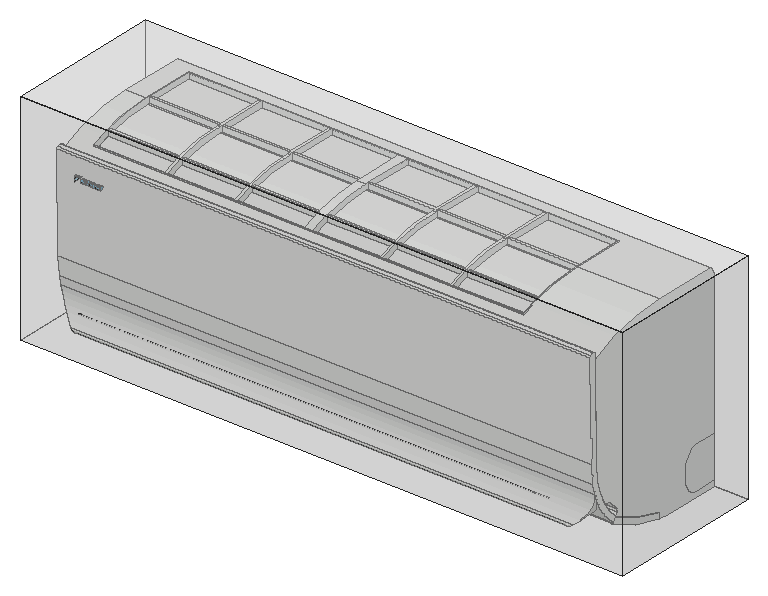
Revit family "outputfile", category 機械設備, Revit 2024
Family settings
  丸型コネクタ寸法 = 半径を使用
  パーツ タイプ = 標準
  OmniClass 番号 = 23.75.10.24.21.27.27
  OmniClass タイトル = Split System Air Conditioning Units
  作業面ベース = いいえ
  常に垂直 = はい
  ロード時にボイドで切り取り = いいえ
  注釈の向きを維持 = いいえ
  共有 = いいえ
  部屋計算ポイント = いいえ
Parameters (values of type "FTKQ18YV2S")
  製造元 = "Daikin"
  書き出し IFC クラス(タイプ) = "IfcUnitaryEquipmentType"
  定義済み IFC タイプ(タイプ) = "AIRCONDITIONINGUNIT"
  モデル = "FTKQ18YV2S"
  switch_frequency = yes
  r_Liquid Pipe Size = Liquid Pipe Size / 2  # 3.2 mm
  r_Gas Pipe Size = Gas Pipe Size / 2  # 6.35 mm
  r_Drain Pipe Size = Drain Pipe Size / 2  # 8.0 mm
  lw_powersupply [instance] = if(or(Right Connection_refrigerant, Left Connection_refrigerant), 348.0 mm, if(or(Rear Right Connection_refrigerant, Bottom Right Connection_refrigerant), 30.0 mm, 740.0 mm))  # 348.0 mm
  lw_liquidpipe [instance] = if(or(Right Connection_refrigerant, Left Connection_refrigerant), 433.0 mm, if(or(Rear Right Connection_refrigerant, Bottom Right Connection_refrigerant), 40.0 mm, 730.0 mm))  # 433.0 mm
  lw_gaspipe [instance] = if(or(Right Connection_refrigerant, Left Connection_refrigerant), if(Gas Pipe Size = 9.5 mm, 335.0 mm, 345.0 mm) + 48.0 mm, if(or(Rear Right Connection_refrigerant, Bottom Right Connection_refrigerant), 55.0 mm, 715.0 mm))  # 393.0 mm
  lw_drainpipe [instance] = if(or(Right Connection_refrigerant, Left Connection_refrigerant), 488.0 mm, if(or(Rear Right Connection_refrigerant, Bottom Right Connection_refrigerant), 55.0 mm, 715.0 mm))  # 488.0 mm
  l_powersupply_length [instance] = if(Right Connection_refrigerant, 348.0 mm, if(Left Connection_refrigerant, 422.0 mm, if(or(Rear Left Connection_refrigerant, Rear Right Connection_refrigerant), 20.0 mm, 50.0 mm)))  # 348.0 mm
  l_liquidpipe_length [instance] = if(Right Connection_refrigerant, 433.0 mm, if(Left Connection_refrigerant, 337.0 mm, if(or(Rear Left Connection_refrigerant, Rear Right Connection_refrigerant), 40.0 mm, 35.0 mm)))  # 433.0 mm
  l_gaspipe_length [instance] = if(Right Connection_refrigerant, if(Gas Pipe Size = 9.5 mm, 335.0 mm, 345.0 mm) + 48.0 mm, if(Left Connection_refrigerant, 770.0 mm - (if(Gas Pipe Size = 9.5 mm, 335.0 mm, 345.0 mm) + 48.0 mm), if(or(Rear Left Connection_refrigerant, Rear Right Connection_refrigerant), 40.0 mm, 50.0 mm)))  # 393.0 mm
  l_drainpipe_length [instance] = if(Right Connection_refrigerant, 488.0 mm, if(Left Connection_refrigerant, 282.0 mm, if(or(Rear Left Connection_refrigerant, Rear Right Connection_refrigerant), 20.0 mm, 25.0 mm)))  # 488.0 mm
  h*** = 0.0 mm  # constant formula
  connector_voltage = Voltage_50Hz  # 220 V
  connector_powerinput = [Power Input (Cooling)]  # 1.740 kW
  connector_phase = Phase_50Hz  # 1
  angle_vertical [instance] = if(or(Bottom Left Connection_refrigerant, Bottom Right Connection_refrigerant), 0.00°, 90.00°)  # 90.00°
  angle_horizontal [instance] = if(Right Connection_refrigerant, 90.00°, if(Left Connection_refrigerant, -90.00°, if(or(Rear Left Connection_refrigerant, Rear Right Connection_refrigerant), 180.00°, 0.00°)))  # 90.00°
  Width = 770.0 mm
  Voltage_comment_50Hz = "220 - 240"
  Voltage_50Hz = 220 V
  Version = "ver.1.0"
  Unit Type = "Wall Mounted"
  Unit Mass Weight = 9.00 kg
  Unit Designation [instance] = ""
  Uniclass2015Version = "Products v1.30"
  Uniclass2015Title = "Split coil room air conditioning units"
  Uniclass2015Code = "Pr_70_65_03_86"
  Total Cooling Capacity [instance] = 0.000 kW
  Sound Pressure Level_M speed (dBA) = 40
  Sound Pressure Level_L speed (dBA) = 35
  Sound Pressure Level_H speed (dBA) = 44
  Sound Power Level_H speed (dB) = 0
  Series = "Single Split_Fan Coil Unit"
  Sensible Cooling Capacity [instance] = 0.000 kW
  Refrigerant Type = "R32"
  Power Input (Cooling) = 1.740 kW
  Phase_50Hz = 1
  Option Accessory 3 [instance] = ""
  Option Accessory 2 [instance] = ""
  Option Accessory 1 [instance] = ""
  Nominal Cooling Capacity = 5.300 kW
  Minimum Airflow = 516.00 m³/h
  Median Airflow = 636.00 m³/h
  Maximum Airflow = 774.00 m³/h
  Material_Casing = DAIKIN_PureWhite_Casing_indoorunit
  Load Classification = HVAC
  Liquid Pipe Size = 6.4 mm
  Link_Nested Family [instance] = ""
  IfcVersion = ""
  IfcExportType = "AIRCONDITIONINGUNIT"
  IfcExportAs = "IfcUnitaryEquipmentType"
  Height = 285.0 mm
  Heat Exchanger Type = "Cross Fin Coil"
  Gas Pipe Size = 12.7 mm
  Frequency_50Hz = 50 Hz
  Fan Type = "Cross Flow Fan"
  Fan Drive = "Direct Drive"
  FCU Tag No. [instance] = ""
  Drain Pipe Size = 16.0 mm
  Design Supply Airflow [instance] = 0.00 m³/h
  Depth = 226.0 mm
  既定の高さ = 0.0 mm
  Cooling Entering Wet Bulb Temperature [instance] = 0.00 °C
  Cooling Entering Dry Bulb Temperature [instance] = 0.00 °C
  Cooling Ambient Wet Bulb Temperature [instance] = 0.00 °C
  Cooling Ambient Dry Bulb Temperature [instance] = 0.00 °C
  Clearance visibility [instance] = yes
  Clearance Top = 30.0 mm
  Clearance Right = 50.0 mm
  Clearance Rear = 0.0 mm
  Clearance Left = 50.0 mm
  Clearance Front = 0.0 mm
  Clearance Bottom = 0.0 mm
  Bottom Right Connection_refrigerant [instance] = no
  Bottom Left Connection_refrigerant [instance] = no
  Rear Right Connection_refrigerant [instance] = no
  Rear Left Connection_refrigerant [instance] = no
  Right Connection_refrigerant [instance] = yes
  Left Connection_refrigerant [instance] = no
Reference planes
  plane 1 "Back": y = 0
  plane 2: z = 0
  plane 3 "Center (Left/Right)": x = 0
  plane 4: y = -133
  plane 5: y = -266
  plane 6 "Left": x = -385
  plane 7 "Right": x = 385
  plane 8 "Top": z = 0
  plane 9: y = 0
  plane 10: z = -285
  plane 11 "Clearance Front": y = -226
  plane 12 "Bottom": z = -285
  plane 13: z = -285
  plane 14: z = 30
  plane 15 "Front": y = -226
  plane 16 "Clearance Rear": y = 0
  plane 17: x = -8
  plane 18: x = -48
  plane 19: x = -103
  plane 20: y = -40
  plane 21: y = -20
  plane 22: x = 37
  plane 23: x = -435
  plane 24: x = 435
  plane 25: x = 337
Forms (mm)
  Extrusion 1, solid, material "DAIKIN_PureWhite_Casing_indoorunit" <- "Material_Casing"
    sketch origin (-379, 1296.25, 1210) x (0, 1, 0) y (0, 0, 1)
      loop
        line (-1296.25, -1427) -> (-1326.25, -1427)
        arc (-1326.25, -1427) -> (-1340.393, -1432.858) -> (-1346.25, -1447) r 20
        line (-1346.25, -1447) -> (-1346.25, -1467)
        arc (-1346.25, -1467) -> (-1340.393, -1481.142) -> (-1326.25, -1487) r 20
        line (-1326.25, -1487) -> (-1296.25, -1487) -> (-1296.25, -1427)
    from 759 to 764
  Extrusion 2, solid, material "DAIKIN_PureWhite_Casing_indoorunit" <- "Material_Casing"
    sketch origin (-495, 1156.25, 1200) x (0, 1, 0) y (0, 0, 1)
      loop
        line (-1156.25, -1485) -> (-1156.25, -1208.5) -> (-1161.25, -1200) -> (-1254.25, -1200)
        arc (-1254.25, -1200) -> (-1314.413, -1207.347) -> (-1371.039, -1228.956) r 250
        arc (-1371.039, -1228.956) -> (-1370.963, -1294.87) -> (-1368.901, -1360.751) r 2186.827
        arc (-1368.901, -1360.751) -> (-1367.931, -1373.599) -> (-1366.216, -1386.369) r 221.844
        arc (-1366.216, -1386.369) -> (-1361.341, -1405) -> (-1353.083, -1422.397) r 103
        line (-1353.083, -1422.397) -> (-1345.22, -1422.397)
        arc (-1345.22, -1422.397) -> (-1343.826, -1422.741) -> (-1342.751, -1423.693) r 3
        arc (-1342.751, -1423.693) -> (-1337.001, -1431.196) -> (-1330.533, -1438.09) r 95
        arc (-1330.533, -1438.09) -> (-1329.645, -1439.831) -> (-1330.018, -1441.749) r 3
        line (-1330.018, -1441.749) -> (-1332.498, -1446.044)
        arc (-1332.498, -1446.044) -> (-1295.066, -1463.723) -> (-1255.079, -1474.437) r 231
        arc (-1255.079, -1474.437) -> (-1254.485, -1474.778) -> (-1254.25, -1475.422) r 1
        line (-1254.25, -1475.422) -> (-1254.25, -1483.703)
        arc (-1254.25, -1483.703) -> (-1250.776, -1484.245) -> (-1247.294, -1484.736) r 240
        arc (-1247.294, -1484.736) -> (-1245.313, -1484.934) -> (-1243.323, -1485) r 30
        line (-1243.323, -1485) -> (-1156.25, -1485)
    from 110 to 880
  Extrusion 3, solid, material "DAIKIN_PureWhite_Casing_indoorunit" <- "Material_Casing"
    sketch origin (-622.601, -1524, -230) x (-1, 0, 0) y (0, -1, 0)
      loop
        line (-996.615, -1494) -> (-996.615, -1524) -> (-936.615, -1524) -> (-936.615, -1494)
        arc (-936.615, -1494) -> (-942.473, -1479.858) -> (-956.615, -1474) r 20
        line (-956.615, -1474) -> (-976.615, -1474)
        arc (-976.615, -1474) -> (-990.757, -1479.858) -> (-996.615, -1494) r 20
      loop
        arc (-248.601, -1494) -> (-254.459, -1479.858) -> (-268.601, -1474) r 20
        line (-268.601, -1474) -> (-288.601, -1474)
        arc (-288.601, -1474) -> (-302.743, -1479.858) -> (-308.601, -1494) r 20
        line (-308.601, -1494) -> (-308.601, -1524) -> (-248.601, -1524) -> (-248.601, -1494)
    from -55 to -50
  Extrusion 4, solid, material "DAIKIN_PureWhite_Casing_indoorunit" <- "Material_Casing"
    sketch origin (0, 0, 10) x (1, 0, 0) y (0, 0, 1)
      loop
        circle (337, -250.5) r 32.5
      loop
        circle (-337, -250.5) r 32.5
    from 0 to 5
  Extrusion 5, solid, material "DAIKIN_PureWhite_Casing_indoorunit" <- "Material_Casing"
    sketch origin (489, 1296.25, 1210) x (0, 1, 0) y (0, 0, -1)
      loop
        line (-1296.25, 1427) -> (-1296.25, 1487) -> (-1326.25, 1487)
        arc (-1326.25, 1487) -> (-1340.393, 1481.142) -> (-1346.25, 1467) r 20
        line (-1346.25, 1467) -> (-1346.25, 1447)
        arc (-1346.25, 1447) -> (-1340.393, 1432.858) -> (-1326.25, 1427) r 20
        line (-1326.25, 1427) -> (-1296.25, 1427)
    from 869 to 874
  Extrusion 6, solid, material "DAIKIN_PureWhite_Casing_indoorunit" <- "Material_Casing"
    sketch origin (-385, 1156.25, 1200) x (0, 1, 0) y (0, 0, 1)
      loop
        arc (-1374.103, -1387.706) -> (-1361.832, -1423.213) -> (-1338.419, -1452.594) r 111
        arc (-1338.419, -1452.594) -> (-1337.834, -1452.764) -> (-1337.333, -1452.419) r 0.709
        line (-1337.333, -1452.419) -> (-1334.084, -1446.792)
        arc (-1334.084, -1446.792) -> (-1333.962, -1446.14) -> (-1334.274, -1445.556) r 1
        arc (-1334.274, -1445.556) -> (-1355.212, -1418.643) -> (-1366.216, -1386.369) r 103
        arc (-1366.216, -1386.369) -> (-1367.931, -1373.599) -> (-1368.901, -1360.751) r 221.844
        arc (-1368.901, -1360.751) -> (-1370.989, -1293.222) -> (-1370.99, -1225.661) r 2186.827
        arc (-1370.99, -1225.661) -> (-1370.93, -1221.937) -> (-1370.863, -1218.213) r 2192
        arc (-1370.863, -1218.213) -> (-1371.146, -1217.637) -> (-1371.78, -1217.535) r 0.7
        line (-1371.78, -1217.535) -> (-1377.538, -1219.406)
        arc (-1377.538, -1219.406) -> (-1378.425, -1219.99) -> (-1378.887, -1220.946) r 2
        arc (-1378.887, -1220.946) -> (-1379.035, -1290.894) -> (-1376.907, -1360.81) r 2149.92
        arc (-1376.907, -1360.81) -> (-1375.901, -1374.299) -> (-1374.103, -1387.706) r 229.911
    from 0 to 770
  Extrusion 7, solid, material "DAIKIN_PureWhite_Casing_indoorunit" <- "Material_Casing"
    sketch origin (-385, 1156.25, 1200) x (0, 1, 0) y (0, 0, 1)
      loop
        arc (-1336.569, -1454.09) -> (-1297.525, -1472.406) -> (-1255.834, -1483.439) r 240
        arc (-1255.834, -1483.439) -> (-1255.428, -1483.328) -> (-1255.25, -1482.946) r 0.5
        line (-1255.25, -1482.946) -> (-1255.25, -1475.422)
        arc (-1255.25, -1475.422) -> (-1295.171, -1464.749) -> (-1332.564, -1447.164) r 232
        arc (-1332.564, -1447.164) -> (-1332.945, -1447.112) -> (-1333.249, -1447.346) r 0.5
        line (-1333.249, -1447.346) -> (-1336.741, -1453.393)
        arc (-1336.741, -1453.393) -> (-1336.802, -1453.778) -> (-1336.569, -1454.09) r 0.5
    from 0 to 770
  Extrusion 8, solid, material "DAIKIN_PureWhite_Casing_indoorunit" <- "Material_Casing"
    sketch origin (-385, 1156.25, 1200) x (0, 1, 0) y (0, 0, 1)
      loop
        arc (-1371.046, -1401.088) -> (-1370.514, -1423.975) -> (-1381.552, -1444.032) r 44
        arc (-1381.552, -1444.032) -> (-1382.188, -1446.32) -> (-1380.625, -1448.108) r 2.5
        arc (-1380.625, -1448.108) -> (-1367.897, -1451.601) -> (-1354.751, -1452.778) r 74
        line (-1354.751, -1452.778) -> (-1338.211, -1452.778)
        arc (-1338.211, -1452.778) -> (-1358.264, -1429.242) -> (-1371.046, -1401.088) r 111
    from 0 to 770
  Extrusion 9, solid, material "DAIKIN_PureWhite_Casing_indoorunit" <- "Material_Casing"
    sketch origin (-385, 1156.25, 1200) x (0, 1, 0) y (0, 0, 1)
      loop
        line (-1254.32, -1208) -> (-1177.85, -1208) -> (-1177.85, -1200) -> (-1254.25, -1200)
        arc (-1254.25, -1200) -> (-1302.879, -1204.775) -> (-1349.65, -1218.918) r 250
        line (-1349.65, -1218.918) -> (-1349.65, -1227.568)
        arc (-1349.65, -1227.568) -> (-1302.979, -1212.942) -> (-1254.32, -1208) r 242
    from 29.359 to 650.764
  Extrusion 10, void
    sketch origin (-385, 1156.25, 1200) x (0, 1, 0) y (0, 0, 1)
      loop
        line (-1349.65, -1215.676) -> (-1349.65, -1227.568)
        arc (-1349.65, -1227.568) -> (-1302.979, -1212.942) -> (-1254.32, -1208) r 242
        line (-1254.32, -1208) -> (-1177.85, -1208) -> (-1177.85, -1197) -> (-1254.25, -1197)
        arc (-1254.25, -1197) -> (-1302.856, -1201.713) -> (-1349.65, -1215.676) r 253
    from 29.359 to 650.764
  Extrusion 11, void
    sketch origin (-610.615, -1524, -240) x (-1, 0, 0) y (0, -1, 0)
      loop
        line (-255.68, -1501.684) -> (-255.68, -1432.659) -> (-357.948, -1432.659) -> (-357.948, -1501.684) -> (-255.68, -1501.684)
      loop
        line (-361.28, -1501.684) -> (-361.28, -1432.659) -> (-459.048, -1432.659) -> (-459.048, -1501.684) -> (-361.28, -1501.684)
      loop
        line (-255.68, -1429.341) -> (-255.68, -1358.741) -> (-357.948, -1358.741) -> (-357.948, -1429.341) -> (-255.68, -1429.341)
      loop
        line (-255.68, -1356.618) -> (-255.68, -1331.319) -> (-357.948, -1331.319) -> (-357.948, -1356.618) -> (-255.68, -1356.618)
      loop
        line (-361.274, -1429.341) -> (-361.274, -1358.741) -> (-459.048, -1358.741) -> (-459.048, -1429.341) -> (-361.274, -1429.341)
      loop
        line (-361.274, -1356.618) -> (-361.274, -1331.319) -> (-459.048, -1331.319) -> (-459.048, -1356.618) -> (-361.274, -1356.618)
      loop
        line (-462.312, -1501.684) -> (-462.312, -1432.659) -> (-559.622, -1432.659) -> (-559.622, -1501.684) -> (-462.312, -1501.684)
      loop
        line (-462.306, -1429.341) -> (-462.306, -1358.741) -> (-559.622, -1358.741) -> (-559.622, -1429.341) -> (-462.306, -1429.341)
      loop
        line (-462.306, -1356.618) -> (-462.306, -1331.319) -> (-559.622, -1331.319) -> (-559.622, -1356.618) -> (-462.306, -1356.618)
      loop
        line (-571.622, -1501.684) -> (-571.622, -1432.659) -> (-668.931, -1432.659) -> (-668.931, -1501.684) -> (-571.622, -1501.684)
      loop
        line (-672.311, -1501.684) -> (-672.311, -1432.659) -> (-770.079, -1432.659) -> (-770.079, -1501.684) -> (-672.311, -1501.684)
      loop
        line (-571.622, -1429.341) -> (-571.622, -1358.741) -> (-668.925, -1358.741) -> (-668.925, -1429.341) -> (-571.622, -1429.341)
      loop
        line (-571.622, -1356.618) -> (-571.622, -1331.319) -> (-668.925, -1331.319) -> (-668.925, -1356.618) -> (-571.622, -1356.618)
      loop
        line (-672.311, -1429.341) -> (-672.311, -1358.741) -> (-770.079, -1358.741) -> (-770.079, -1429.341) -> (-672.311, -1429.341)
      loop
        line (-672.311, -1356.618) -> (-672.311, -1331.319) -> (-770.079, -1331.319) -> (-770.079, -1356.618) -> (-672.311, -1356.618)
      loop
        line (-773.411, -1501.684) -> (-773.411, -1432.659) -> (-875.679, -1432.659) -> (-875.679, -1501.684) -> (-773.411, -1501.684)
      loop
        line (-773.411, -1429.341) -> (-773.411, -1358.741) -> (-875.679, -1358.741) -> (-875.679, -1429.341) -> (-773.411, -1429.341)
      loop
        line (-773.411, -1356.618) -> (-773.411, -1331.319) -> (-875.679, -1331.319) -> (-875.679, -1356.618) -> (-773.411, -1356.618)
    from 208.902 to 245
  Extrusion 12, void
    sketch origin (-385, 1156.25, 1200) x (0, 1, 0) y (0, 0, 1)
      loop
        arc (-1339.36, -1455.929) -> (-1309.531, -1470.929) -> (-1277.928, -1481.699) r 243
        line (-1277.928, -1481.699) -> (-1275.103, -1471.068)
        arc (-1275.103, -1471.068) -> (-1305.332, -1460.762) -> (-1333.859, -1446.402) r 232
        line (-1333.859, -1446.402) -> (-1339.36, -1455.929)
    from 47 to 652
  Extrusion 13, solid, material "DAIKIN_PureWhite_Casing_indoorunit" <- "Material_Casing"
    sketch origin (-385, 1156.25, 1200) x (0, 1, 0) y (0, 0, 1)
      loop
        arc (-1336.998, -1453.838) -> (-1307.924, -1468.349) -> (-1277.157, -1478.8) r 240
        line (-1277.157, -1478.8) -> (-1275.103, -1471.068)
        arc (-1275.103, -1471.068) -> (-1304.871, -1460.955) -> (-1332.998, -1446.91) r 232
        line (-1332.998, -1446.91) -> (-1336.998, -1453.838)
    from 52.507 to 648.507
  Extrusion 14, void
    sketch origin (0, 0, 0) x (1, 0, 0) y (0, 0, 1)
      loop
        line (-395, -201.088) -> (-395, -259.424) -> (-333.271, -259.424) -> (-333.271, -252.778)
        arc (-333.271, -252.778) -> (-369.835, -237.641) -> (-385, -201.088) r 51.729
        line (-385, -201.088) -> (-395, -201.088)
    from 118.853 to 250
  Extrusion 15, void
    sketch origin (0, 0, 0) x (1, 0, 0) y (0, 0, 1)
      loop
        arc (385, -200.608) -> (369.72, -237.498) -> (332.829, -252.778) r 52.171
        line (332.829, -252.778) -> (332.829, -262.778) -> (392.829, -262.778) -> (392.829, -192.778) -> (385, -192.778) -> (385, -200.608)
    from 140.894 to 250
Cuts and joins
  Extrusion 10 cuts Extrusion 2
  Extrusion 11 cuts Extrusion 9
  Extrusion 12 cuts Extrusion 7
  Extrusion 14, Extrusion 15 cuts Extrusion 8
Lines and regions (mm)
  reference lines
    curve 1: line (-395.5, -222.696, -45.45) -> (-395.5, -222.696, -55.45)
Dimensions and locks
  equal spacing: plane 6 "Left", plane 3 "Center (Left/Right)", plane 7 "Right"
  "Width": plane 6 "Left" to plane 7 "Right"
  level to plane 10 = 285.0 mm
  locked: Extrusion 4 sketch curve to plane 6 "Left" at 48
  locked: plane 7 "Right" to Extrusion 4 sketch curve at 48
  locked: plane 8 "Top" to Extrusion 4 sketch curve at 240.5  (x2)
  locked: plane 6 "Left" to Extrusion 3 sketch curve at 11
  locked: Extrusion 3 sketch curve to Extrusion 3 sketch curve at 60  (x2)
  locked: Extrusion 3 sketch curve to plane 7 "Right" at 10.986
  "Height": plane 8 "Top" to plane 12 "Bottom"
  "Clearance Top": plane 14 to plane 8 "Top"
  "Clearance Bottom": plane 12 "Bottom" to plane 13
  "Depth": plane 15 "Front" to plane 1 "Back"
  "Clearance Front": plane 15 "Front" to plane 11 "Clearance Front"
  "Clearance Rear": plane 16 "Clearance Rear" to plane 1 "Back"
  locked: plane 1 "Back" to plane 20 at 40
  locked: plane 1 "Back" to plane 21 at 20
  "Clearance Left": plane 23 to plane 6 "Left"
  "Clearance Right": plane 7 "Right" to plane 24
  "lw_powersupply": plane 22 to plane 7 "Right"
  locked: plane 25 to plane 7 "Right" at 48
  "lw_gaspipe": plane 17 to plane 7 "Right"
  "lw_liquidpipe": plane 18 to plane 7 "Right"
  "lw_drainpipe": plane 19 to plane 7 "Right"
  aligned and locked: level to plane 2
  aligned and locked: nested 2 to curve 1
  aligned and locked: plane 7 "Right" to Extrusion 1
  aligned and locked: plane 19 to nested 3
  aligned and locked: plane 18 to nested 4
  aligned and locked: plane 22 to nested 5
  aligned and locked: plane 17 to nested 6
  aligned and locked: nested 6 to plane 20
  aligned and locked: nested 4 to plane 20
  aligned and locked: nested 3 to plane 21
  aligned and locked: nested 5 to plane 21
  aligned and locked: nested 1 to plane 16 "Clearance Rear"
  aligned and locked: plane 11 "Clearance Front" to nested 1
  aligned and locked: nested 1 to plane 13
  aligned and locked: nested 1 to plane 14
  aligned and locked: nested 1 to plane 23
  aligned and locked: plane 24 to nested 1
Automatic sketch dimensions
  Extrusion 1 sketch curve to plane 1 "Back" = 0.0 mm
  plane 1 "Back" to Extrusion 1 sketch curve = 30.0 mm  (x2)
  Extrusion 1 sketch curve to Extrusion 1 sketch curve = 20.0 mm  (x2)
  Extrusion 1 sketch curve to level = 277.0 mm
  Extrusion 2 sketch curve to Extrusion 2 sketch curve = 0.0 mm  (x8)
  Extrusion 2 sketch curve to level = 0.0 mm
  Extrusion 2 sketch curve to plane 10 = 0.0 mm
  Extrusion 2 sketch curve to plane 1 "Back" = 0.0 mm
  plane 1 "Back" to Extrusion 2 sketch curve = 5.0 mm
  plane 1 "Back" to Extrusion 2 sketch curve = 59.278 mm
  plane 4 to Extrusion 2 sketch curve = 45.927 mm
  plane 10 to Extrusion 2 sketch curve = 1.297 mm
  Extrusion 2 sketch curve to Extrusion 2 sketch curve = 10.927 mm
  plane 4 to Extrusion 2 sketch curve = 35.0 mm
  Extrusion 2 sketch curve to Extrusion 2 sketch curve = 1.0 mm
  plane 4 to Extrusion 2 sketch curve = 24.681 mm
  Extrusion 2 sketch curve to plane 4 = 40.768 mm
  Extrusion 2 sketch curve to Extrusion 2 sketch curve = 2.48 mm
  Extrusion 2 sketch curve to Extrusion 2 sketch curve = 2.598 mm
  Extrusion 2 sketch curve to Extrusion 2 sketch curve = 12.604 mm
  Extrusion 2 sketch curve to Extrusion 2 sketch curve = 7.862 mm
  Extrusion 2 sketch curve to plane 1 "Back" = 8.955 mm
  Extrusion 2 sketch curve to level = 59.408 mm
  Extrusion 2 sketch curve to Extrusion 2 sketch curve = 1962.872 mm
  Extrusion 2 sketch curve to Extrusion 2 sketch curve = 8.281 mm
  Extrusion 2 sketch curve to Extrusion 2 sketch curve = 20.422 mm
  Extrusion 2 sketch curve to Extrusion 2 sketch curve = 5.0 mm
  plane 10 to Extrusion 2 sketch curve = 38.956 mm
  Extrusion 2 sketch curve to Extrusion 2 sketch curve = 4.295 mm
  Extrusion 2 sketch curve to Extrusion 2 sketch curve = 1.5 mm
  Extrusion 2 sketch curve to Extrusion 2 sketch curve = 14.851 mm
  Extrusion 2 sketch curve to Extrusion 2 sketch curve = 3.0 mm
  Extrusion 2 sketch curve to Extrusion 2 sketch curve = 80.275 mm
  Extrusion 2 sketch curve to Extrusion 2 sketch curve = 19.254 mm
  Extrusion 2 sketch curve to level = 46.847 mm
  Extrusion 2 sketch curve to level = 8.5 mm
  Extrusion 2 sketch curve to Extrusion 2 sketch curve = 13.133 mm
  plane 1 "Back" to Extrusion 3 sketch curve = 0.0 mm  (x2)
  Extrusion 3 sketch curve to Extrusion 3 sketch curve = 20.0 mm  (x4)
  plane 1 "Back" to Extrusion 3 sketch curve = 30.0 mm  (x2)
  Extrusion 5 sketch curve to plane 1 "Back" = 0.0 mm
  plane 1 "Back" to Extrusion 5 sketch curve = 30.0 mm  (x2)
  Extrusion 5 sketch curve to Extrusion 5 sketch curve = 20.0 mm  (x2)
  Extrusion 5 sketch curve to level = 217.0 mm
  Extrusion 6 sketch curve to Extrusion 6 sketch curve = 0.0 mm  (x5)
  Extrusion 6 sketch curve to level = 19.406 mm
  Extrusion 6 sketch curve to Extrusion 6 sketch curve = 1.349 mm
  Extrusion 6 sketch curve to Extrusion 6 sketch curve = 0.618 mm
  Extrusion 6 sketch curve to level = 17.535 mm
  Extrusion 6 sketch curve to Extrusion 6 sketch curve = 5.759 mm
  Extrusion 6 sketch curve to Extrusion 6 sketch curve = 0.217 mm
  Extrusion 6 sketch curve to plane 4 = 48.697 mm
  Extrusion 6 sketch curve to Extrusion 6 sketch curve = 0.614 mm
  Extrusion 6 sketch curve to Extrusion 6 sketch curve = 2.997 mm
  Extrusion 6 sketch curve to Extrusion 6 sketch curve = 0.866 mm
  plane 4 to Extrusion 6 sketch curve = 24.681 mm
  Extrusion 6 sketch curve to plane 1 "Back" = 8.955 mm
  Extrusion 6 sketch curve to Extrusion 6 sketch curve = 0.067 mm
  Extrusion 6 sketch curve to level = 60.455 mm
  Extrusion 6 sketch curve to Extrusion 6 sketch curve = 44.907 mm
  Extrusion 6 sketch curve to Extrusion 6 sketch curve = 5.173 mm
  Extrusion 6 sketch curve to level = 150.462 mm
  Extrusion 6 sketch curve to Extrusion 6 sketch curve = 0.008 mm
  Extrusion 6 sketch curve to Extrusion 6 sketch curve = 19.254 mm
  Extrusion 6 sketch curve to Extrusion 6 sketch curve = 76.567 mm
  Extrusion 6 sketch curve to Extrusion 6 sketch curve = 0.5 mm
  Extrusion 6 sketch curve to Extrusion 6 sketch curve = 5.772 mm
  Extrusion 6 sketch curve to Extrusion 6 sketch curve = 1.017 mm
  Extrusion 6 sketch curve to Extrusion 6 sketch curve = 0.03 mm
  Extrusion 6 sketch curve to Extrusion 6 sketch curve = 0.665 mm
  plane 5 to Extrusion 6 sketch curve = 45.344 mm
  Extrusion 6 sketch curve to Extrusion 6 sketch curve = 5.93 mm
  Extrusion 6 sketch curve to Extrusion 6 sketch curve = 7.888 mm
  Extrusion 7 sketch curve to plane 4 = 47.49 mm
  Extrusion 7 sketch curve to Extrusion 7 sketch curve = 0.424 mm
  Extrusion 7 sketch curve to Extrusion 7 sketch curve = 3.491 mm
  Extrusion 7 sketch curve to Extrusion 7 sketch curve = 0.433 mm
  plane 4 to Extrusion 7 sketch curve = 33.5 mm
  Extrusion 7 sketch curve to Extrusion 7 sketch curve = 0.5 mm
  plane 1 "Back" to Extrusion 7 sketch curve = 59.278 mm
  Extrusion 7 sketch curve to Extrusion 7 sketch curve = 0.0 mm  (x4)
  Extrusion 7 sketch curve to level = 282.946 mm
  Extrusion 7 sketch curve to Extrusion 7 sketch curve = 7.524 mm
  Extrusion 7 sketch curve to Extrusion 7 sketch curve = 21.764 mm
  Extrusion 7 sketch curve to Extrusion 7 sketch curve = 0.265 mm
  Extrusion 7 sketch curve to Extrusion 7 sketch curve = 6.062 mm
  Extrusion 7 sketch curve to Extrusion 7 sketch curve = 0.25 mm
  Extrusion 7 sketch curve to level = 46.848 mm
  Extrusion 7 sketch curve to Extrusion 7 sketch curve = 0.084 mm
  plane 5 to Extrusion 8 sketch curve = 8.997 mm
  plane 5 to Extrusion 8 sketch curve = 42.5 mm
  Extrusion 8 sketch curve to Extrusion 8 sketch curve = 25.0 mm
  Extrusion 8 sketch curve to Extrusion 8 sketch curve = 16.54 mm
  plane 4 to Extrusion 8 sketch curve = 24.681 mm
  Extrusion 8 sketch curve to level = 252.778 mm
  Extrusion 8 sketch curve to Extrusion 8 sketch curve = 7.013 mm
  Extrusion 8 sketch curve to Extrusion 8 sketch curve = 32.246 mm
  Extrusion 8 sketch curve to Extrusion 8 sketch curve = 34.741 mm
  Extrusion 8 sketch curve to Extrusion 8 sketch curve = 9.054 mm
  Extrusion 8 sketch curve to Extrusion 8 sketch curve = 1.801 mm
  Extrusion 8 sketch curve to Extrusion 8 sketch curve = 0.0 mm  (x2)
  Extrusion 8 sketch curve to Extrusion 8 sketch curve = 16.296 mm
  Extrusion 9 sketch curve to level = 0.0 mm
  Extrusion 9 sketch curve to level = 18.918 mm
  Extrusion 9 sketch curve to plane 4 = 60.4 mm
  Extrusion 9 sketch curve to level = 8.0 mm
  plane 4 to Extrusion 9 sketch curve = 34.93 mm
  Extrusion 9 sketch curve to Extrusion 9 sketch curve = 0.07 mm
  plane 1 "Back" to Extrusion 9 sketch curve = 21.6 mm
  Extrusion 9 sketch curve to Extrusion 9 sketch curve = 0.0 mm
  Extrusion 10 sketch curve to level = 27.568 mm
  Extrusion 10 sketch curve to plane 4 = 60.4 mm
  plane 4 to Extrusion 10 sketch curve = 34.93 mm
  level to Extrusion 10 sketch curve = 3.0 mm
  Extrusion 10 sketch curve to Extrusion 10 sketch curve = 0.07 mm
  plane 1 "Back" to Extrusion 10 sketch curve = 21.6 mm
  Extrusion 10 sketch curve to Extrusion 10 sketch curve = 222.432 mm
  Extrusion 10 sketch curve to Extrusion 10 sketch curve = 0.0 mm
  plane 4 to Extrusion 11 sketch curve = 38.341 mm
  Extrusion 11 sketch curve to plane 7 "Right" = 119.936 mm
  Extrusion 11 sketch curve to Extrusion 11 sketch curve = 0.0 mm  (x22)
  plane 1 "Back" to Extrusion 11 sketch curve = 22.316 mm  (x3)
  Extrusion 11 sketch curve to Extrusion 11 sketch curve = 102.268 mm
  Extrusion 11 sketch curve to Extrusion 11 sketch curve = 3.332 mm  (x3)
  plane 3 "Center (Left/Right)" to Extrusion 11 sketch curve = 61.696 mm  (x2)
  Extrusion 11 sketch curve to Extrusion 11 sketch curve = 3.38 mm
  Extrusion 11 sketch curve to Extrusion 11 sketch curve = 3.386 mm
  Extrusion 11 sketch curve to Extrusion 11 sketch curve = 0.006 mm  (x3)
  Extrusion 11 sketch curve to plane 3 "Center (Left/Right)" = 38.993 mm  (x2)
  Extrusion 11 sketch curve to Extrusion 11 sketch curve = 12.0 mm  (x2)
  plane 4 to Extrusion 11 sketch curve = 41.659 mm  (x3)
  Extrusion 11 sketch curve to Extrusion 11 sketch curve = 97.309 mm
  Extrusion 11 sketch curve to plane 4 = 32.259 mm  (x4)
  Extrusion 11 sketch curve to Extrusion 11 sketch curve = 3.264 mm
  Extrusion 11 sketch curve to Extrusion 11 sketch curve = 3.258 mm  (x2)
  Extrusion 11 sketch curve to Extrusion 11 sketch curve = 97.768 mm
  Extrusion 11 sketch curve to Extrusion 11 sketch curve = 3.326 mm
  plane 6 "Left" to Extrusion 11 sketch curve = 30.066 mm
  Extrusion 11 sketch curve to Extrusion 11 sketch curve = 3.317 mm  (x5)
  Extrusion 11 sketch curve to Extrusion 11 sketch curve = 2.124 mm  (x6)
  Extrusion 11 sketch curve to Extrusion 11 sketch curve = 25.299 mm  (x5)
  plane 4 to Extrusion 12 sketch curve = 11.323 mm
  Extrusion 12 sketch curve to Extrusion 12 sketch curve = 2.825 mm
  Extrusion 12 sketch curve to Extrusion 12 sketch curve = 0.0 mm  (x2)
  Extrusion 12 sketch curve to level = 281.699 mm
  Extrusion 12 sketch curve to Extrusion 12 sketch curve = 10.631 mm
  Extrusion 13 sketch curve to plane 4 = 47.748 mm
  Extrusion 13 sketch curve to Extrusion 13 sketch curve = 4.0 mm
  plane 4 to Extrusion 13 sketch curve = 12.093 mm
  Extrusion 13 sketch curve to Extrusion 13 sketch curve = 2.054 mm
  plane 1 "Back" to Extrusion 13 sketch curve = 59.278 mm
  Extrusion 13 sketch curve to Extrusion 13 sketch curve = 0.0 mm
  Extrusion 13 sketch curve to level = 278.8 mm
  Extrusion 13 sketch curve to Extrusion 13 sketch curve = 7.732 mm
  Extrusion 13 sketch curve to Extrusion 13 sketch curve = 17.23 mm
  Extrusion 13 sketch curve to Extrusion 13 sketch curve = 6.928 mm
  Extrusion 12 sketch curve to plane 4 = 50.109 mm
  plane 1 "Back" to Extrusion 12 sketch curve = 59.278 mm
  Extrusion 12 sketch curve to Extrusion 12 sketch curve = 15.14 mm
  Extrusion 12 sketch curve to Extrusion 12 sketch curve = 5.5 mm
  Extrusion 14 sketch curve to plane 6 "Left" = 10.0 mm
  plane 6 "Left" to Extrusion 14 sketch curve = 0.0 mm
  plane 7 "Right" to Extrusion 15 sketch curve = 7.829 mm
  Extrusion 15 sketch curve to plane 7 "Right" = 0.0 mm
  Extrusion 6 sketch curve to plane 4 = 87.67 mm
  Extrusion 6 sketch curve to Extrusion 6 sketch curve = 1.902 mm
  Extrusion 6 sketch curve to Extrusion 6 sketch curve = 2.804 mm
  plane 6 "Left" to Extrusion 14 sketch curve = 51.729 mm
  Extrusion 14 sketch curve to Extrusion 14 sketch curve = 6.646 mm
  Extrusion 15 sketch curve to Extrusion 15 sketch curve = 10.0 mm
  Extrusion 14 sketch curve to level = 259.424 mm
  Extrusion 14 sketch curve to Extrusion 14 sketch curve = 58.337 mm
  Extrusion 15 sketch curve to plane 7 "Right" = 52.171 mm
  Extrusion 15 sketch curve to level = 262.778 mm
  Extrusion 15 sketch curve to Extrusion 15 sketch curve = 7.829 mm
  plane 5 to curve 1 = 43.304 mm
  curve 1 to level = 55.45 mm
  curve 1 to curve 1 = 10.0 mm
  radius of Extrusion 4 sketch curve = 32.5 mm  (x2)
Nested families
  nested 1: "daikin_clearancespace" at (0, -113, -127.381), show <- "Clearance visibility", visible <- "Clearance visibility", Link_Nested Family <- "Link_Nested Family", type "daikin_clearancespace"
    with width 870.0 mm, show yes, height 315.0 mm, depth 226.0 mm, Link_Nested Family ""
  nested 2: "daikin_logo_plane_w40" at (-338, -222.696, -45) x (1, 0, 0) z (0, -1, 0), type "daikin_logo_plane_w40"
    with show_logo yes
  nested 3: "daikin_connector_rotate3" at (-103, -20, -260), angle_vertical <- "angle_vertical", angle_horizontal <- "angle_horizontal", length <- "l_drainpipe_length", radius <- "r_Drain Pipe Size", type "daikin_connector_rotate3"
    with show no, radius 8.0 mm, length 488.0 mm, angle_vertical 90.00°, angle_horizontal 90.00°
  nested 4: "daikin_connector_rotate3" at (-48, -40, -250), angle_vertical <- "angle_vertical", angle_horizontal <- "angle_horizontal", length <- "l_liquidpipe_length", radius <- "r_Liquid Pipe Size", type "daikin_connector_rotate3"
    with show no, radius 3.2 mm, length 433.0 mm, angle_vertical 90.00°, angle_horizontal 90.00°
  nested 5: "daikin_connector_rotate3" at (37, -20, -235), angle_vertical <- "angle_vertical", angle_horizontal <- "angle_horizontal", length <- "l_powersupply_length", type "daikin_connector_rotate3"
    with show no, radius 10.0 mm, length 348.0 mm, angle_vertical 90.00°, angle_horizontal 90.00°
  nested 6: "daikin_connector_rotate3" at (-8, -40, -235), angle_vertical <- "angle_vertical", angle_horizontal <- "angle_horizontal", length <- "l_gaspipe_length", radius <- "r_Gas Pipe Size", type "daikin_connector_rotate3"
    with show no, radius 6.35 mm, length 393.0 mm, angle_vertical 90.00°, angle_horizontal 90.00°
Connectors
  electrical at (385, -20, -235), driven by "Load Classification", driven by "connector_voltage", driven by "connector_phase", driven by "connector_powerinput"
    settings: on nested 5, index 1, voltage 220 V, apparent load 1740 VA, apparent load phase1 0 VA, apparent load phase2 0 VA, apparent load phase3 0 VA, power factor 1, load classification "HVAC", number of poles 1, system type 30, power factor state 1, is connector primary yes, connector utility no, sub classification motor no, connector description "Power Supply"
  piping at (385, -20, -260), diameter 16, driven by "r_Drain Pipe Size"
    settings: on nested 3, index 2, connector inside diameter 609.6 mm, connector length 0.0 mm, flow factor 0, pipe flow 0.00 m³/h, pressure drop 0.0 Pa, fitting loss kfactor 0, connector angle 0.00°, fixture units 0, engagement length 0.0 mm, angle of deflection 0.00°, flow configuration 1, flow direction 2, fitting loss method 4, system type 16, joint type 0, gender type 0, connector reference index -1, connector utility 0, adjustable connector no, is connector primary yes, connector description "Condensate Drain Piping"
  piping at (385, -40, -235), diameter 12.7, driven by "r_Gas Pipe Size"
    settings: on nested 6, index 3, connector inside diameter 609.6 mm, connector length 0.0 mm, flow factor 0, pipe flow 0.00 m³/h, pressure drop 0.0 Pa, fitting loss kfactor 0, connector angle 0.00°, fixture units 0, engagement length 0.0 mm, angle of deflection 0.00°, flow configuration 1, flow direction 2, fitting loss method 0, system type 29, joint type 0, gender type 0, connector reference index -1, connector utility 0, adjustable connector no, is connector primary no, connector description "Refrigerant Gas Piping"
  piping at (385, -40, -250), diameter 6.4, driven by "r_Liquid Pipe Size"
    settings: on nested 4, index 4, connector inside diameter 609.6 mm, connector length 0.0 mm, flow factor 0, pipe flow 0.00 m³/h, pressure drop 0.0 Pa, fitting loss kfactor 0, connector angle 0.00°, fixture units 0, engagement length 0.0 mm, angle of deflection 0.00°, flow configuration 1, flow direction 1, fitting loss method 0, system type 29, joint type 0, gender type 0, connector reference index -1, connector utility 0, adjustable connector no, is connector primary no, connector description "Refrigerant Liquid Piping"
Definition of nested family "daikin_clearancespace"
  Parameters (values of type "daikin_clearancespace")
    Description = "daikin_clearancespace"
    width [instance] = 1823.963 mm
    show [instance] = yes
    material = none
    height [instance] = 1359.762 mm
    depth [instance] = 880.0 mm
    Default Elevation = 0.0 mm
    Link_Nested Family [instance] = ""
  Reference planes
    plane 1 "Center (Front/Back)": y = 0
    plane 2 "Center (Elevation)": z = -0.119
    plane 3 "Center (Left/Right)": x = 0
    plane 4: y = 440
    plane 5: y = -440
    plane 6 "Right": x = 911.982
    plane 7 "Left": x = -911.982
    plane 8 "Top": z = 679.762
    plane 9 "Bottom": z = -680
  Forms (mm)
    Extrusion 1, solid, material <- "material", visible <- "show"
      sketch origin (0, 0, 0) x (1, 0, 0) y (0, 1, 0)
        loop
          line (-911.982, 440) -> (-911.982, -440) -> (911.982, -440) -> (911.982, 440) -> (-911.982, 440)
      from -680 to 679.762
  Lines and regions (mm)
    symbolic lines, visible <- "show"
      curve 1: line (911.982, 440, 0) -> (-911.982, 440, 0)
      curve 2: line (-911.982, 440, 0) -> (-911.982, -440, 0)
      curve 3: line (-911.982, -440, 0) -> (911.982, -440, 0)
      curve 4: line (911.982, -440, 0) -> (911.982, 440, 0)
      curve 5: line (911.982, 0, 679.762) -> (-911.982, 0, 679.762)
      curve 6: line (911.982, 0, -680) -> (911.982, 0, 679.762)
      curve 7: line (-911.982, 0, -680) -> (911.982, 0, -680)
      curve 8: line (-911.982, 0, 679.762) -> (-911.982, 0, -680)
      curve 9: line (0, 440, 679.762) -> (0, -440, 679.762)
      curve 10: line (0, -440, 679.762) -> (0, -440, -680)
      curve 11: line (0, 440, -680) -> (0, 440, 679.762)
      curve 12: line (0, -440, -680) -> (0, 440, -680)
  Dimensions and locks
    "width": plane 7 "Left" to plane 6 "Right"
    "depth": plane 4 to plane 5
    "height": plane 8 "Top" to plane 9 "Bottom"
    equal spacing: plane 7 "Left", plane 3 "Center (Left/Right)", plane 6 "Right"
    equal spacing: plane 4, plane 1 "Center (Front/Back)", plane 5
    equal spacing: plane 8 "Top", plane 2 "Center (Elevation)", plane 9 "Bottom"
    aligned and locked: level to plane 2 "Center (Elevation)"
    aligned and locked: Extrusion 1 sketch curve to plane 4
    aligned and locked: plane 7 "Left" to Extrusion 1 sketch curve
    aligned and locked: Extrusion 1 sketch curve to plane 5
    aligned and locked: Extrusion 1 sketch curve to plane 6 "Right"
    aligned and locked: plane 8 "Top" to Extrusion 1
    aligned and locked: curve 1 to Extrusion 1
    aligned and locked: curve 2 to Extrusion 1
    aligned and locked: curve 3 to Extrusion 1
    aligned and locked: curve 4 to Extrusion 1
    aligned and locked: curve 5 to Extrusion 1
    aligned and locked: curve 6 to Extrusion 1
    aligned and locked: curve 7 to Extrusion 1
    aligned and locked: curve 8 to Extrusion 1
    aligned and locked: curve 9 to Extrusion 1
    aligned and locked: curve 10 to Extrusion 1
    aligned and locked: curve 11 to Extrusion 1
    aligned and locked: curve 12 to Extrusion 1
    aligned and locked: Extrusion 1 to plane 9 "Bottom"
Definition of nested family "daikin_logo_plane_w40"
  Parameters (values of type "daikin_logo_plane_w40")
    width = 40.0 mm
    show_logo [instance] = yes
    material = none
    height = 0.0 mm
    depth = 0.0 mm
    Default Elevation = 1219.2 mm
  Reference planes
    plane 1 "Center (Front/Back)": y = 0
    plane 2: z = 0
    plane 3 "Center (Left/Right)": x = 0
    plane 4: z = 2
    plane 5 "left": x = -19
    plane 6: x = 19
  Forms (mm)
    Extrusion 1, solid, visible <- "show_logo"
      sketch origin (-19, 0, 0) x (1, 0, 0) y (0, 1, 0)
        loop
          line (8.902, -1.878) -> (7.789, -6.332) -> (11.13, -6.332)
          arc (11.13, -6.332) -> (12.454, -6.064) -> (13.472, -5.176) r 2.642
          arc (13.472, -5.176) -> (13.92, -4.02) -> (13.767, -2.79) r 2.537
          arc (13.767, -2.79) -> (13.452, -2.342) -> (12.982, -2.06) r 1.321
          arc (12.982, -2.06) -> (12.063, -1.902) -> (11.13, -1.878) r 6.479
          line (11.13, -1.878) -> (8.902, -1.878)
        loop
          line (10.016, -5.441) -> (10.907, -5.441)
          arc (10.907, -5.441) -> (11.591, -4.983) -> (11.988, -4.261) r 1.742
          spline (11.988, -4.261) -> (12.01, -4.155) -> (12.027, -4.03) -> (12.037, -3.893) -> (12.037, -3.747) -> (12.026, -3.598) -> (12.002, -3.451) -> (11.962, -3.31) -> (11.905, -3.181) -> (11.829, -3.069) -> (11.731, -2.978) -> (11.61, -2.913) -> (11.464, -2.88)
          line (11.464, -2.88) -> (10.573, -2.88) -> (10.016, -5.441)
        loop
          line (13.58, -6.332) -> (14.805, -6.332) -> (15.223, -5.553) -> (16.977, -5.553) -> (17.144, -6.332) -> (19.149, -6.332) -> (18.258, -1.878) -> (16.03, -1.878) -> (13.58, -6.332)
        loop
          line (16.476, -3.214) -> (15.76, -4.551) -> (16.762, -4.551) -> (16.476, -3.214)
        loop
          line (19.705, -6.332) -> (21.599, -6.332) -> (22.712, -1.878) -> (20.819, -1.878) -> (19.705, -6.332)
        loop
          line (22.712, -6.332) -> (24.606, -6.332) -> (24.908, -5.122) -> (25.831, -6.332) -> (28.17, -6.332) -> (26.388, -3.994) -> (28.949, -1.878) -> (26.945, -1.878) -> (25.401, -3.153) -> (25.719, -1.878) -> (23.826, -1.878) -> (22.712, -6.332)
        loop
          line (29.84, -1.878) -> (28.615, -6.332) -> (30.62, -6.332) -> (31.734, -1.878) -> (29.84, -1.878)
        loop
          line (31.734, -6.332) -> (33.07, -6.332) -> (33.7, -3.814) -> (34.518, -6.332) -> (36.745, -6.332) -> (37.859, -1.878) -> (36.523, -1.878) -> (35.845, -4.589) -> (34.963, -1.878) -> (32.847, -1.878) -> (31.734, -6.332)
      from 0 to 2
    Extrusion 2, solid, visible <- "show_logo"
      sketch origin (-19, 0, 0) x (1, 0, 0) y (0, 1, 0)
        loop
          line (8.7, 0) -> (4.235, 0) -> (0, -3.879) -> (0, -8) -> (8.7, 0)
      from 0 to 2
    Extrusion 3, solid, visible <- "show_logo"
      sketch origin (-19, 0, 0) x (1, 0, 0) y (0, 1, 0)
        loop
          line (0, 0) -> (0, -3.879) -> (4.235, 0) -> (0, 0)
      from 0 to 2
  Dimensions and locks
    plane 4 to plane 2 = 2.0 mm
    equal spacing: plane 5 "left", plane 3 "Center (Left/Right)", plane 6
    locked: plane 5 "left" to plane 6 at 38
    aligned and locked: level to plane 2
    aligned and locked: Extrusion 3 to plane 1 "Center (Front/Back)"  (x2)
    aligned and locked: Extrusion 2 to plane 1 "Center (Front/Back)"  (x2)
    aligned and locked: plane 4 to Extrusion 1
    aligned and locked: plane 4 to Extrusion 3
    aligned and locked: plane 4 to Extrusion 2
    aligned and locked: Extrusion 3 to plane 5 "left"
    aligned and locked: Extrusion 2 to plane 5 "left"
  Automatic sketch dimensions
    Extrusion 1 sketch curve to Extrusion 1 sketch curve = 0.901 mm
    Extrusion 1 sketch curve to Extrusion 1 sketch curve = 1.559 mm
    Extrusion 1 sketch curve to Extrusion 1 sketch curve = 1.327 mm
    Extrusion 1 sketch curve to Extrusion 1 sketch curve = 2.145 mm
    Extrusion 1 sketch curve to Extrusion 1 sketch curve = 1.448 mm
    Extrusion 1 sketch curve to Extrusion 1 sketch curve = 2.116 mm
    Extrusion 1 sketch curve to Extrusion 1 sketch curve = 1.114 mm  (x4)
    Extrusion 1 sketch curve to Extrusion 1 sketch curve = 1.336 mm  (x2)
    plane 1 "Center (Front/Back)" to Extrusion 1 sketch curve = 1.878 mm  (x5)
    Extrusion 1 sketch curve to Extrusion 1 sketch curve = 1.893 mm  (x5)
    Extrusion 1 sketch curve to Extrusion 1 sketch curve = 0.891 mm  (x4)
    Extrusion 1 sketch curve to Extrusion 1 sketch curve = 2.005 mm  (x3)
    Extrusion 1 sketch curve to Extrusion 1 sketch curve = 0.445 mm  (x2)
    plane 1 "Center (Front/Back)" to Extrusion 1 sketch curve = 3.994 mm
    Extrusion 1 sketch curve to Extrusion 1 sketch curve = 0.557 mm  (x2)
    Extrusion 1 sketch curve to Extrusion 1 sketch curve = 2.339 mm  (x2)
    Extrusion 1 sketch curve to Extrusion 1 sketch curve = 1.225 mm  (x3)
    plane 1 "Center (Front/Back)" to Extrusion 1 sketch curve = 3.153 mm
    Extrusion 1 sketch curve to Extrusion 1 sketch curve = 0.987 mm
    plane 1 "Center (Front/Back)" to Extrusion 1 sketch curve = 5.122 mm
    Extrusion 1 sketch curve to Extrusion 1 sketch curve = 0.922 mm
    plane 1 "Center (Front/Back)" to Extrusion 1 sketch curve = 6.332 mm
    Extrusion 1 sketch curve to Extrusion 1 sketch curve = 2.562 mm
    plane 1 "Center (Front/Back)" to Extrusion 1 sketch curve = 5.553 mm
    Extrusion 1 sketch curve to Extrusion 1 sketch curve = 0.167 mm
    Extrusion 1 sketch curve to Extrusion 1 sketch curve = 0.215 mm
    plane 1 "Center (Front/Back)" to Extrusion 1 sketch curve = 3.214 mm
    Extrusion 1 sketch curve to Extrusion 1 sketch curve = 0.286 mm
    plane 1 "Center (Front/Back)" to Extrusion 1 sketch curve = 4.551 mm
    Extrusion 1 sketch curve to Extrusion 1 sketch curve = 1.002 mm
    Extrusion 1 sketch curve to Extrusion 1 sketch curve = 0.537 mm
    Extrusion 1 sketch curve to Extrusion 1 sketch curve = 0.418 mm
    Extrusion 1 sketch curve to Extrusion 1 sketch curve = 1.028 mm
    plane 1 "Center (Front/Back)" to Extrusion 1 sketch curve = 4.261 mm
    Extrusion 1 sketch curve to Extrusion 1 sketch curve = 0.563 mm
    plane 1 "Center (Front/Back)" to Extrusion 1 sketch curve = 2.88 mm
    Extrusion 1 sketch curve to Extrusion 1 sketch curve = 1.088 mm
    Extrusion 1 sketch curve to Extrusion 1 sketch curve = 2.152 mm
    Extrusion 1 sketch curve to Extrusion 1 sketch curve = 0.586 mm
    Extrusion 1 sketch curve to Extrusion 1 sketch curve = 0.118 mm
    Extrusion 1 sketch curve to Extrusion 1 sketch curve = 0.298 mm
    Extrusion 1 sketch curve to Extrusion 1 sketch curve = 0.334 mm
    Extrusion 1 sketch curve to Extrusion 1 sketch curve = 0.223 mm
    Extrusion 1 sketch curve to Extrusion 1 sketch curve = 0.266 mm
    Extrusion 1 sketch curve to Extrusion 1 sketch curve = 1.671 mm
    Extrusion 1 sketch curve to Extrusion 1 sketch curve = 2.227 mm
    Extrusion 1 sketch curve to Extrusion 1 sketch curve = 0.0 mm  (x7)
    Extrusion 1 sketch curve to Extrusion 1 sketch curve = 3.453 mm
    Extrusion 1 sketch curve to Extrusion 1 sketch curve = 2.017 mm
    Extrusion 1 sketch curve to Extrusion 1 sketch curve = 0.78 mm  (x2)
    Extrusion 1 sketch curve to Extrusion 1 sketch curve = 1.743 mm
    Extrusion 1 sketch curve to Extrusion 1 sketch curve = 0.775 mm
    Extrusion 1 sketch curve to Extrusion 1 sketch curve = 0.552 mm
    Extrusion 1 sketch curve to Extrusion 1 sketch curve = 0.014 mm
    Extrusion 1 sketch curve to Extrusion 1 sketch curve = 0.952 mm
    Extrusion 1 sketch curve to Extrusion 1 sketch curve = 1.215 mm
    Extrusion 1 sketch curve to Extrusion 1 sketch curve = 0.108 mm
    plane 1 "Center (Front/Back)" to Extrusion 2 sketch curve = 0.0 mm
    Extrusion 2 sketch curve to plane 3 "Center (Left/Right)" = 19.0 mm
    Extrusion 2 sketch curve to plane 3 "Center (Left/Right)" = 14.765 mm
    Extrusion 2 sketch curve to Extrusion 2 sketch curve = 4.465 mm
    plane 1 "Center (Front/Back)" to Extrusion 2 sketch curve = 3.879 mm
    Extrusion 2 sketch curve to Extrusion 2 sketch curve = 4.12 mm
    plane 1 "Center (Front/Back)" to Extrusion 3 sketch curve = 0.0 mm
    Extrusion 3 sketch curve to plane 3 "Center (Left/Right)" = 19.0 mm
    Extrusion 3 sketch curve to plane 3 "Center (Left/Right)" = 14.765 mm
    plane 1 "Center (Front/Back)" to Extrusion 3 sketch curve = 3.879 mm
    Extrusion 1 sketch curve to plane 3 "Center (Left/Right)" = 11.211 mm
    Extrusion 1 sketch curve to Extrusion 1 sketch curve = 1.782 mm
Definition of nested family "daikin_connector_rotate3"
  Parameters (values of type "daikin_connector_rotate3")
    show [instance] = yes
    radius [instance] = 10.0 mm
    length [instance] = 600.0 mm
    angle_horizontal [instance] = 60.00°
    angle_vertical [instance] = 90.00°
    Default Elevation = 1219.2 mm
  Reference planes
    plane 1 "Center (Front/Back)": y = 0
    plane 2: z = 0
    plane 3 "Center (Left/Right)": x = 0
  Dimensions and locks
    "angle_horizontal": angle plane 3 "Center (Left/Right)" to nested 1
    aligned and locked: level to plane 2
    aligned and locked: plane 1 "Center (Front/Back)" to nested 1  (x2)
    aligned and locked: plane 3 "Center (Left/Right)" to nested 1
  Nested families
    nested 1: "daikin_connector_rotate2" at (0, 0, 0) x (0.5, 0.866, 0) z (0, 0, 1), angle_vertical <- "angle_vertical", length <- "length", radius <- "radius", type "daikin_connector_rotate2"
      with radius 10.0 mm, length 600.0 mm, angle_vertical 90.00°
  Definition of nested family "daikin_connector_rotate2"
    Parameters (values of type "daikin_connector_rotate2")
      show_face = yes
      radius [instance] = 10.0 mm
      length [instance] = 600.0 mm
      d_surface = 10.0 mm
      angle_vertical [instance] = 90.00°
      Default Elevation = 0.0 mm
    Reference planes
      plane 1 "Center (Front/Back)": y = 0
      plane 2: z = 0
      plane 3 "Center (Left/Right)": x = 0
    Forms (mm)
      Extrusion 1, solid, visible <- "show_face"
        sketch origin (0, -600, 0) x (1, 0, 0) y (0, 0, 1)
          loop
            circle (0, 0) r 10
        from 0 to -10
    Lines and regions (mm)
      reference lines
        curve 1: line (0, 0, 0) -> (0, -600, 0)
      symbolic lines
        curve 2: circle (0, 0, 0) r 5 normal (0, 0, 1)
      model lines, visible <- "show_face"
        curve 3: line (0, 0, 0) -> (0, -600, 0)
    Dimensions and locks
      "length": curve 1 to curve 1
      "length": curve 3 to curve 3
      "d_surface": Extrusion 1 to Extrusion 1
      "radius": radius of Extrusion 1 sketch curve
      "angle_vertical": angle curve 1 to plane 1 "Center (Front/Back)"
      "angle_vertical": angle curve 3 to plane 1 "Center (Front/Back)"
      aligned and locked: level to plane 2
      aligned and locked: plane 1 "Center (Front/Back)" to curve 1
      aligned and locked: plane 2 to curve 1
      aligned and locked: plane 1 "Center (Front/Back)" to curve 2
      aligned and locked: plane 3 "Center (Left/Right)" to curve 2
      aligned and locked: plane 1 "Center (Front/Back)" to curve 3
      aligned and locked: plane 2 to curve 3
      aligned and locked: Extrusion 1 to Extrusion 1
    Automatic sketch dimensions
      Extrusion 1 sketch curve to level = 0.0 mm
      Extrusion 1 sketch curve to plane 3 "Center (Left/Right)" = 0.0 mm
      radius of curve 2 = 5.0 mm
